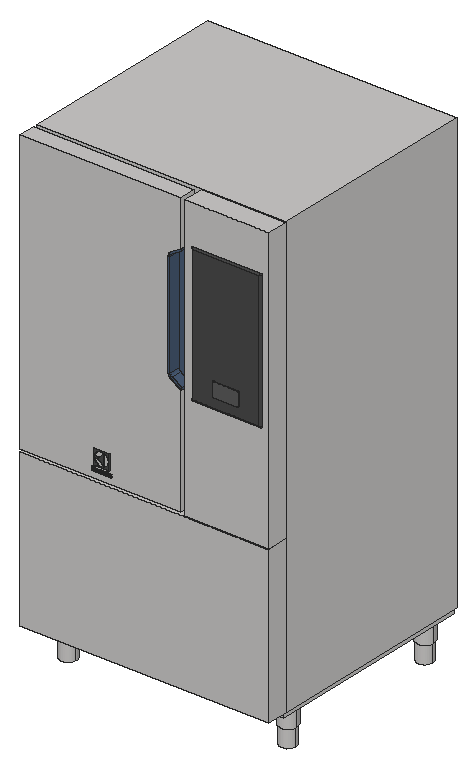
Revit family "QF_ELECTROLUXPROFESSIONAL_727738_EBFA11Q", category Specialty Equipment, Revit 2018 (continued)
Automatic sketch dimensions
  Split face 146 sketch curve to Extrusion 4 = 242.501 mm
  Split face 146 sketch curve to Split face 146 sketch curve = 4.974 mm
  Split face 147 sketch curve to Extrusion 4 = 392.465 mm
  Split face 147 sketch curve to Split face 147 sketch curve = 110.016 mm
  Split face 147 sketch curve to Extrusion 4 = 252.001 mm
  Split face 147 sketch curve to Split face 147 sketch curve = 4.974 mm
  Split face 148 sketch curve to Extrusion 4 = 392.465 mm
  Split face 148 sketch curve to Split face 148 sketch curve = 110.016 mm
  Split face 148 sketch curve to Extrusion 4 = 261.501 mm
  Split face 148 sketch curve to Split face 148 sketch curve = 4.974 mm
  Split face 149 sketch curve to Extrusion 4 = 392.465 mm
  Split face 149 sketch curve to Split face 149 sketch curve = 110.016 mm
  Split face 149 sketch curve to Extrusion 4 = 271.001 mm
  Split face 149 sketch curve to Split face 149 sketch curve = 4.974 mm
  Split face 150 sketch curve to Extrusion 4 = 392.465 mm
  Split face 150 sketch curve to Split face 150 sketch curve = 110.016 mm
  Split face 150 sketch curve to Extrusion 4 = 279.479 mm
  Split face 150 sketch curve to Split face 150 sketch curve = 4.974 mm
  Split face 151 sketch curve to Extrusion 4 = 392.465 mm
  Split face 151 sketch curve to Split face 151 sketch curve = 110.016 mm
  Split face 151 sketch curve to Extrusion 4 = 269.979 mm
  Split face 151 sketch curve to Split face 151 sketch curve = 4.974 mm
  Split face 152 sketch curve to Extrusion 4 = 392.465 mm
  Split face 152 sketch curve to Split face 152 sketch curve = 110.016 mm
  Split face 152 sketch curve to Extrusion 4 = 260.479 mm
  Split face 152 sketch curve to Split face 152 sketch curve = 4.974 mm
  Split face 153 sketch curve to Extrusion 4 = 392.465 mm
  Split face 153 sketch curve to Split face 153 sketch curve = 110.016 mm
  Split face 153 sketch curve to Extrusion 4 = 250.978 mm
  Split face 153 sketch curve to Split face 153 sketch curve = 4.974 mm
  Split face 154 sketch curve to Extrusion 4 = 392.465 mm
  Split face 154 sketch curve to Split face 154 sketch curve = 110.016 mm
  Split face 154 sketch curve to Extrusion 4 = 241.478 mm
  Split face 154 sketch curve to Split face 154 sketch curve = 4.974 mm
  Split face 155 sketch curve to Extrusion 4 = 392.465 mm
  Split face 155 sketch curve to Split face 155 sketch curve = 110.016 mm
  Split face 155 sketch curve to Extrusion 4 = 231.978 mm
  Split face 155 sketch curve to Split face 155 sketch curve = 4.974 mm
  Split face 156 sketch curve to Extrusion 4 = 392.465 mm
  Split face 156 sketch curve to Split face 156 sketch curve = 110.016 mm
  Split face 156 sketch curve to Extrusion 4 = 222.478 mm
  Split face 156 sketch curve to Split face 156 sketch curve = 4.974 mm
  Split face 157 sketch curve to Extrusion 4 = 392.465 mm
  Split face 157 sketch curve to Split face 157 sketch curve = 110.016 mm
  Split face 157 sketch curve to Extrusion 4 = 212.978 mm
  Split face 157 sketch curve to Split face 157 sketch curve = 4.974 mm
  Split face 158 sketch curve to Extrusion 4 = 392.465 mm
  Split face 158 sketch curve to Split face 158 sketch curve = 110.016 mm
  Split face 158 sketch curve to Extrusion 4 = 203.478 mm
  Split face 158 sketch curve to Split face 158 sketch curve = 4.974 mm
  Split face 159 sketch curve to Extrusion 4 = 193.978 mm
  Split face 159 sketch curve to Extrusion 4 = 392.465 mm
  Split face 159 sketch curve to Split face 159 sketch curve = 110.016 mm
  Split face 159 sketch curve to Split face 159 sketch curve = 4.974 mm
  Split face 160 sketch curve to Extrusion 4 = 184.478 mm
  Split face 160 sketch curve to Extrusion 4 = 392.465 mm
  Split face 160 sketch curve to Split face 160 sketch curve = 110.016 mm
  Split face 160 sketch curve to Split face 160 sketch curve = 4.974 mm
  Split face 161 sketch curve to Extrusion 4 = 174.978 mm
  Split face 161 sketch curve to Extrusion 4 = 392.465 mm
  Split face 161 sketch curve to Split face 161 sketch curve = 110.016 mm
  Split face 161 sketch curve to Split face 161 sketch curve = 4.974 mm
  Split face 162 sketch curve to Extrusion 4 = 165.478 mm
  Split face 162 sketch curve to Extrusion 4 = 392.465 mm
  Split face 162 sketch curve to Split face 162 sketch curve = 110.016 mm
  Split face 162 sketch curve to Split face 162 sketch curve = 4.974 mm
  Split face 163 sketch curve to Extrusion 4 = 155.978 mm
  Split face 163 sketch curve to Extrusion 4 = 392.465 mm
  Split face 163 sketch curve to Split face 163 sketch curve = 110.016 mm
  Split face 163 sketch curve to Split face 163 sketch curve = 4.974 mm
  Split face 164 sketch curve to Extrusion 4 = 146.478 mm
  Split face 164 sketch curve to Extrusion 4 = 392.465 mm
  Split face 164 sketch curve to Split face 164 sketch curve = 110.016 mm
  Split face 164 sketch curve to Split face 164 sketch curve = 4.974 mm
  Split face 165 sketch curve to Extrusion 4 = 33.499 mm
  Split face 165 sketch curve to Extrusion 4 = 382.543 mm
  Split face 165 sketch curve to Extrusion 4 = 28.525 mm
  Split face 165 sketch curve to Split face 165 sketch curve = 110.016 mm
  Split face 166 sketch curve to Extrusion 4 = 42.999 mm
  Split face 166 sketch curve to Extrusion 4 = 382.543 mm
  Split face 166 sketch curve to Extrusion 4 = 38.025 mm
  Split face 166 sketch curve to Split face 166 sketch curve = 110.016 mm
  Split face 167 sketch curve to Extrusion 4 = 52.499 mm
  Split face 167 sketch curve to Extrusion 4 = 382.543 mm
  Split face 167 sketch curve to Extrusion 4 = 47.525 mm
  Split face 167 sketch curve to Split face 167 sketch curve = 110.016 mm
  Split face 168 sketch curve to Extrusion 4 = 61.999 mm
  Split face 168 sketch curve to Extrusion 4 = 382.543 mm
  Split face 168 sketch curve to Split face 168 sketch curve = 110.016 mm
  Split face 168 sketch curve to Split face 168 sketch curve = 4.974 mm
  Split face 169 sketch curve to Extrusion 4 = 71.499 mm
  Split face 169 sketch curve to Extrusion 4 = 382.543 mm
  Split face 169 sketch curve to Split face 169 sketch curve = 110.016 mm
  Split face 169 sketch curve to Split face 169 sketch curve = 4.974 mm
  Split face 170 sketch curve to Extrusion 4 = 80.999 mm
  Split face 170 sketch curve to Extrusion 4 = 382.543 mm
  Split face 170 sketch curve to Split face 170 sketch curve = 110.016 mm
  Split face 170 sketch curve to Split face 170 sketch curve = 4.974 mm
  Split face 171 sketch curve to Extrusion 4 = 90.499 mm
  Split face 171 sketch curve to Extrusion 4 = 382.543 mm
  Split face 171 sketch curve to Split face 171 sketch curve = 110.016 mm
  Split face 171 sketch curve to Split face 171 sketch curve = 4.974 mm
  Split face 172 sketch curve to Extrusion 4 = 99.999 mm
  Split face 172 sketch curve to Extrusion 4 = 382.543 mm
  Split face 172 sketch curve to Split face 172 sketch curve = 110.016 mm
  Split face 172 sketch curve to Split face 172 sketch curve = 4.974 mm
  Split face 173 sketch curve to Extrusion 4 = 109.499 mm
  Split face 173 sketch curve to Extrusion 4 = 382.543 mm
  Split face 173 sketch curve to Split face 173 sketch curve = 110.016 mm
  Split face 173 sketch curve to Split face 173 sketch curve = 4.974 mm
  Split face 174 sketch curve to Extrusion 4 = 119 mm
  Split face 174 sketch curve to Extrusion 4 = 382.543 mm
  Split face 174 sketch curve to Split face 174 sketch curve = 110.016 mm
  Split face 174 sketch curve to Split face 174 sketch curve = 4.974 mm
  Split face 175 sketch curve to Extrusion 4 = 128.5 mm
  Split face 175 sketch curve to Extrusion 4 = 382.543 mm
  Split face 175 sketch curve to Split face 175 sketch curve = 110.016 mm
  Split face 175 sketch curve to Split face 175 sketch curve = 4.974 mm
  Split face 176 sketch curve to Extrusion 4 = 138 mm
  Split face 176 sketch curve to Extrusion 4 = 382.543 mm
  Split face 176 sketch curve to Split face 176 sketch curve = 110.016 mm
  Split face 176 sketch curve to Split face 176 sketch curve = 4.974 mm
  Split face 177 sketch curve to Extrusion 4 = 147.5 mm
  Split face 177 sketch curve to Extrusion 4 = 382.543 mm
  Split face 177 sketch curve to Split face 177 sketch curve = 110.016 mm
  Split face 177 sketch curve to Split face 177 sketch curve = 4.974 mm
  Split face 178 sketch curve to Extrusion 4 = 157 mm
  Split face 178 sketch curve to Extrusion 4 = 382.543 mm
  Split face 178 sketch curve to Split face 178 sketch curve = 110.016 mm
  Split face 178 sketch curve to Split face 178 sketch curve = 4.974 mm
  Split face 179 sketch curve to Extrusion 4 = 166.5 mm
  Split face 179 sketch curve to Extrusion 4 = 382.543 mm
  Split face 179 sketch curve to Split face 179 sketch curve = 110.016 mm
  Split face 179 sketch curve to Split face 179 sketch curve = 4.974 mm
  Split face 180 sketch curve to Extrusion 4 = 176 mm
  Split face 180 sketch curve to Extrusion 4 = 382.543 mm
  Split face 180 sketch curve to Split face 180 sketch curve = 110.016 mm
  Split face 180 sketch curve to Split face 180 sketch curve = 4.974 mm
  Split face 181 sketch curve to Extrusion 4 = 185.5 mm
  Split face 181 sketch curve to Extrusion 4 = 382.543 mm
  Split face 181 sketch curve to Split face 181 sketch curve = 110.016 mm
  Split face 181 sketch curve to Split face 181 sketch curve = 4.974 mm
  Split face 182 sketch curve to Extrusion 4 = 382.543 mm
  Split face 182 sketch curve to Split face 182 sketch curve = 110.016 mm
  Split face 182 sketch curve to Extrusion 4 = 195 mm
  Split face 182 sketch curve to Split face 182 sketch curve = 4.974 mm
  Split face 183 sketch curve to Extrusion 4 = 382.543 mm
  Split face 183 sketch curve to Split face 183 sketch curve = 110.016 mm
  Split face 183 sketch curve to Extrusion 4 = 204.5 mm
  Split face 183 sketch curve to Split face 183 sketch curve = 4.974 mm
  Split face 184 sketch curve to Extrusion 4 = 382.543 mm
  Split face 184 sketch curve to Split face 184 sketch curve = 110.016 mm
  Split face 184 sketch curve to Extrusion 4 = 214 mm
  Split face 184 sketch curve to Split face 184 sketch curve = 4.974 mm
  Split face 185 sketch curve to Extrusion 4 = 382.543 mm
  Split face 185 sketch curve to Split face 185 sketch curve = 110.016 mm
  Split face 185 sketch curve to Extrusion 4 = 223.5 mm
  Split face 185 sketch curve to Split face 185 sketch curve = 4.974 mm
  Split face 186 sketch curve to Extrusion 4 = 382.543 mm
  Split face 186 sketch curve to Split face 186 sketch curve = 110.016 mm
  Split face 186 sketch curve to Extrusion 4 = 233.001 mm
  Split face 186 sketch curve to Split face 186 sketch curve = 4.974 mm
  Split face 187 sketch curve to Extrusion 4 = 382.543 mm
  Split face 187 sketch curve to Split face 187 sketch curve = 110.016 mm
  Split face 187 sketch curve to Extrusion 4 = 242.501 mm
  Split face 187 sketch curve to Split face 187 sketch curve = 4.974 mm
  Split face 188 sketch curve to Extrusion 4 = 382.543 mm
  Split face 188 sketch curve to Split face 188 sketch curve = 110.016 mm
  Split face 188 sketch curve to Extrusion 4 = 252.001 mm
  Split face 188 sketch curve to Split face 188 sketch curve = 4.974 mm
  Split face 189 sketch curve to Extrusion 4 = 382.543 mm
  Split face 189 sketch curve to Split face 189 sketch curve = 110.016 mm
  Split face 189 sketch curve to Extrusion 4 = 261.501 mm
  Split face 189 sketch curve to Split face 189 sketch curve = 4.974 mm
  Split face 190 sketch curve to Extrusion 4 = 382.543 mm
  Split face 190 sketch curve to Split face 190 sketch curve = 110.016 mm
  Split face 190 sketch curve to Extrusion 4 = 271.001 mm
  Split face 190 sketch curve to Split face 190 sketch curve = 4.974 mm
  Split face 191 sketch curve to Extrusion 4 = 382.543 mm
  Split face 191 sketch curve to Split face 191 sketch curve = 110.016 mm
  Split face 191 sketch curve to Extrusion 4 = 279.479 mm
  Split face 191 sketch curve to Split face 191 sketch curve = 4.974 mm
  Split face 192 sketch curve to Extrusion 4 = 382.543 mm
  Split face 192 sketch curve to Split face 192 sketch curve = 110.016 mm
  Split face 192 sketch curve to Extrusion 4 = 269.979 mm
  Split face 192 sketch curve to Split face 192 sketch curve = 4.974 mm
  Split face 193 sketch curve to Extrusion 4 = 382.543 mm
  Split face 193 sketch curve to Split face 193 sketch curve = 110.016 mm
  Split face 193 sketch curve to Extrusion 4 = 260.479 mm
  Split face 193 sketch curve to Split face 193 sketch curve = 4.974 mm
  Split face 194 sketch curve to Extrusion 4 = 382.543 mm
  Split face 194 sketch curve to Split face 194 sketch curve = 110.016 mm
  Split face 194 sketch curve to Extrusion 4 = 250.978 mm
  Split face 194 sketch curve to Split face 194 sketch curve = 4.974 mm
  Split face 195 sketch curve to Extrusion 4 = 382.543 mm
  Split face 195 sketch curve to Split face 195 sketch curve = 110.016 mm
  Split face 195 sketch curve to Extrusion 4 = 241.478 mm
  Split face 195 sketch curve to Split face 195 sketch curve = 4.974 mm
  Split face 196 sketch curve to Extrusion 4 = 382.543 mm
  Split face 196 sketch curve to Split face 196 sketch curve = 110.016 mm
  Split face 196 sketch curve to Extrusion 4 = 231.978 mm
  Split face 196 sketch curve to Split face 196 sketch curve = 4.974 mm
  Split face 197 sketch curve to Extrusion 4 = 382.543 mm
  Split face 197 sketch curve to Split face 197 sketch curve = 110.016 mm
  Split face 197 sketch curve to Extrusion 4 = 222.478 mm
  Split face 197 sketch curve to Split face 197 sketch curve = 4.974 mm
  Split face 198 sketch curve to Extrusion 4 = 382.543 mm
  Split face 198 sketch curve to Split face 198 sketch curve = 110.016 mm
  Split face 198 sketch curve to Extrusion 4 = 212.978 mm
  Split face 198 sketch curve to Split face 198 sketch curve = 4.974 mm
  Split face 199 sketch curve to Extrusion 4 = 382.543 mm
  Split face 199 sketch curve to Split face 199 sketch curve = 110.016 mm
  Split face 199 sketch curve to Extrusion 4 = 203.478 mm
  Split face 199 sketch curve to Split face 199 sketch curve = 4.974 mm
  Split face 200 sketch curve to Extrusion 4 = 382.543 mm
  Split face 200 sketch curve to Split face 200 sketch curve = 110.016 mm
  Split face 200 sketch curve to Extrusion 4 = 193.978 mm
  Split face 200 sketch curve to Split face 200 sketch curve = 4.974 mm
  Split face 201 sketch curve to Extrusion 4 = 184.478 mm
  Split face 201 sketch curve to Extrusion 4 = 382.543 mm
  Split face 201 sketch curve to Split face 201 sketch curve = 110.016 mm
  Split face 201 sketch curve to Split face 201 sketch curve = 4.974 mm
  Split face 202 sketch curve to Extrusion 4 = 174.978 mm
  Split face 202 sketch curve to Extrusion 4 = 382.543 mm
  Split face 202 sketch curve to Split face 202 sketch curve = 110.016 mm
  Split face 202 sketch curve to Split face 202 sketch curve = 4.974 mm
  Split face 203 sketch curve to Extrusion 4 = 165.478 mm
  Split face 203 sketch curve to Extrusion 4 = 382.543 mm
  Split face 203 sketch curve to Split face 203 sketch curve = 110.016 mm
  Split face 203 sketch curve to Split face 203 sketch curve = 4.974 mm
  Split face 204 sketch curve to Extrusion 4 = 155.978 mm
  Split face 204 sketch curve to Extrusion 4 = 382.543 mm
  Split face 204 sketch curve to Split face 204 sketch curve = 110.016 mm
  Split face 204 sketch curve to Split face 204 sketch curve = 4.974 mm
  Split face 205 sketch curve to Extrusion 4 = 146.478 mm
  Split face 205 sketch curve to Extrusion 4 = 382.543 mm
  Split face 205 sketch curve to Split face 205 sketch curve = 110.016 mm
  Split face 205 sketch curve to Split face 205 sketch curve = 4.974 mm
  Split face 206 sketch curve to Extrusion 4 = 33.499 mm
  Split face 206 sketch curve to Extrusion 4 = 262.552 mm
  Split face 206 sketch curve to Extrusion 4 = 28.525 mm
  Split face 206 sketch curve to Split face 206 sketch curve = 110.016 mm
  Split face 207 sketch curve to Extrusion 4 = 42.999 mm
  Split face 207 sketch curve to Extrusion 4 = 262.552 mm
  Split face 207 sketch curve to Extrusion 4 = 38.025 mm
  Split face 207 sketch curve to Split face 207 sketch curve = 110.016 mm
  Split face 208 sketch curve to Extrusion 4 = 52.499 mm
  Split face 208 sketch curve to Extrusion 4 = 262.552 mm
  Split face 208 sketch curve to Extrusion 4 = 47.525 mm
  Split face 208 sketch curve to Split face 208 sketch curve = 110.016 mm
  Split face 209 sketch curve to Extrusion 4 = 61.999 mm
  Split face 209 sketch curve to Extrusion 4 = 262.552 mm
  Split face 209 sketch curve to Split face 209 sketch curve = 110.016 mm
  Split face 209 sketch curve to Split face 209 sketch curve = 4.974 mm
  Split face 210 sketch curve to Extrusion 4 = 71.499 mm
  Split face 210 sketch curve to Extrusion 4 = 262.552 mm
  Split face 210 sketch curve to Split face 210 sketch curve = 110.016 mm
  Split face 210 sketch curve to Split face 210 sketch curve = 4.974 mm
  Split face 211 sketch curve to Extrusion 4 = 80.999 mm
  Split face 211 sketch curve to Extrusion 4 = 262.552 mm
  Split face 211 sketch curve to Split face 211 sketch curve = 110.016 mm
  Split face 211 sketch curve to Split face 211 sketch curve = 4.974 mm
  Split face 212 sketch curve to Extrusion 4 = 90.499 mm
  Split face 212 sketch curve to Extrusion 4 = 262.552 mm
  Split face 212 sketch curve to Split face 212 sketch curve = 110.016 mm
  Split face 212 sketch curve to Split face 212 sketch curve = 4.974 mm
  Split face 213 sketch curve to Extrusion 4 = 99.999 mm
  Split face 213 sketch curve to Extrusion 4 = 262.552 mm
  Split face 213 sketch curve to Split face 213 sketch curve = 110.016 mm
  Split face 213 sketch curve to Split face 213 sketch curve = 4.974 mm
  Split face 214 sketch curve to Extrusion 4 = 109.499 mm
  Split face 214 sketch curve to Extrusion 4 = 262.552 mm
  Split face 214 sketch curve to Split face 214 sketch curve = 110.016 mm
  Split face 214 sketch curve to Split face 214 sketch curve = 4.974 mm
  Split face 215 sketch curve to Extrusion 4 = 119 mm
  Split face 215 sketch curve to Extrusion 4 = 262.552 mm
  Split face 215 sketch curve to Split face 215 sketch curve = 110.016 mm
  Split face 215 sketch curve to Split face 215 sketch curve = 4.974 mm
  Split face 216 sketch curve to Extrusion 4 = 128.5 mm
  Split face 216 sketch curve to Extrusion 4 = 262.552 mm
  Split face 216 sketch curve to Split face 216 sketch curve = 110.016 mm
  Split face 216 sketch curve to Split face 216 sketch curve = 4.974 mm
  Split face 217 sketch curve to Extrusion 4 = 262.552 mm
  Split face 217 sketch curve to Split face 217 sketch curve = 110.016 mm
  Split face 217 sketch curve to Extrusion 4 = 138 mm
  Split face 217 sketch curve to Split face 217 sketch curve = 4.974 mm
  Split face 218 sketch curve to Extrusion 4 = 262.552 mm
  Split face 218 sketch curve to Split face 218 sketch curve = 110.016 mm
  Split face 218 sketch curve to Extrusion 4 = 147.5 mm
  Split face 218 sketch curve to Split face 218 sketch curve = 4.974 mm
  Split face 219 sketch curve to Extrusion 4 = 262.552 mm
  Split face 219 sketch curve to Split face 219 sketch curve = 110.016 mm
  Split face 219 sketch curve to Extrusion 4 = 157 mm
  Split face 219 sketch curve to Split face 219 sketch curve = 4.974 mm
  Split face 220 sketch curve to Extrusion 4 = 262.552 mm
  Split face 220 sketch curve to Split face 220 sketch curve = 110.016 mm
  Split face 220 sketch curve to Extrusion 4 = 166.5 mm
  Split face 220 sketch curve to Split face 220 sketch curve = 4.974 mm
  Split face 221 sketch curve to Extrusion 4 = 262.552 mm
  Split face 221 sketch curve to Split face 221 sketch curve = 110.016 mm
  Split face 221 sketch curve to Extrusion 4 = 176 mm
  Split face 221 sketch curve to Split face 221 sketch curve = 4.974 mm
  Split face 222 sketch curve to Extrusion 4 = 262.552 mm
  Split face 222 sketch curve to Split face 222 sketch curve = 110.016 mm
  Split face 222 sketch curve to Extrusion 4 = 185.5 mm
  Split face 222 sketch curve to Split face 222 sketch curve = 4.974 mm
  Split face 223 sketch curve to Extrusion 4 = 262.552 mm
  Split face 223 sketch curve to Split face 223 sketch curve = 110.016 mm
  Split face 223 sketch curve to Extrusion 4 = 195 mm
  Split face 223 sketch curve to Split face 223 sketch curve = 4.974 mm
  Split face 224 sketch curve to Extrusion 4 = 262.552 mm
  Split face 224 sketch curve to Split face 224 sketch curve = 110.016 mm
  Split face 224 sketch curve to Extrusion 4 = 204.5 mm
  Split face 224 sketch curve to Split face 224 sketch curve = 4.974 mm
  Split face 225 sketch curve to Extrusion 4 = 262.552 mm
  Split face 225 sketch curve to Split face 225 sketch curve = 110.016 mm
  Split face 225 sketch curve to Extrusion 4 = 214 mm
  Split face 225 sketch curve to Split face 225 sketch curve = 4.974 mm
  Split face 226 sketch curve to Extrusion 4 = 262.552 mm
  Split face 226 sketch curve to Split face 226 sketch curve = 110.016 mm
  Split face 226 sketch curve to Extrusion 4 = 223.5 mm
  Split face 226 sketch curve to Split face 226 sketch curve = 4.974 mm
  Split face 227 sketch curve to Extrusion 4 = 262.552 mm
  Split face 227 sketch curve to Split face 227 sketch curve = 110.016 mm
  Split face 227 sketch curve to Extrusion 4 = 233.001 mm
  Split face 227 sketch curve to Split face 227 sketch curve = 4.974 mm
  Split face 228 sketch curve to Extrusion 4 = 262.552 mm
  Split face 228 sketch curve to Split face 228 sketch curve = 110.016 mm
  Split face 228 sketch curve to Extrusion 4 = 242.501 mm
  Split face 228 sketch curve to Split face 228 sketch curve = 4.974 mm
  Split face 229 sketch curve to Extrusion 4 = 262.552 mm
  Split face 229 sketch curve to Split face 229 sketch curve = 110.016 mm
  Split face 229 sketch curve to Extrusion 4 = 252.001 mm
  Split face 229 sketch curve to Split face 229 sketch curve = 4.974 mm
  Split face 230 sketch curve to Extrusion 4 = 262.552 mm
  Split face 230 sketch curve to Split face 230 sketch curve = 110.016 mm
  Split face 230 sketch curve to Extrusion 4 = 261.501 mm
  Split face 230 sketch curve to Split face 230 sketch curve = 4.974 mm
  Split face 231 sketch curve to Extrusion 4 = 262.552 mm
  Split face 231 sketch curve to Split face 231 sketch curve = 110.016 mm
  Split face 231 sketch curve to Extrusion 4 = 271.001 mm
  Split face 231 sketch curve to Split face 231 sketch curve = 4.974 mm
  Split face 232 sketch curve to Extrusion 4 = 262.552 mm
  Split face 232 sketch curve to Split face 232 sketch curve = 110.016 mm
  Split face 232 sketch curve to Extrusion 4 = 279.479 mm
  Split face 232 sketch curve to Split face 232 sketch curve = 4.974 mm
  Split face 233 sketch curve to Extrusion 4 = 262.552 mm
  Split face 233 sketch curve to Split face 233 sketch curve = 110.016 mm
  Split face 233 sketch curve to Extrusion 4 = 269.979 mm
  Split face 233 sketch curve to Split face 233 sketch curve = 4.974 mm
  Split face 234 sketch curve to Extrusion 4 = 262.552 mm
  Split face 234 sketch curve to Split face 234 sketch curve = 110.016 mm
  Split face 234 sketch curve to Extrusion 4 = 260.479 mm
  Split face 234 sketch curve to Split face 234 sketch curve = 4.974 mm
  Split face 235 sketch curve to Extrusion 4 = 262.552 mm
  Split face 235 sketch curve to Split face 235 sketch curve = 110.016 mm
  Split face 235 sketch curve to Extrusion 4 = 250.978 mm
  Split face 235 sketch curve to Split face 235 sketch curve = 4.974 mm
  Split face 236 sketch curve to Extrusion 4 = 262.552 mm
  Split face 236 sketch curve to Split face 236 sketch curve = 110.016 mm
  Split face 236 sketch curve to Extrusion 4 = 241.478 mm
  Split face 236 sketch curve to Split face 236 sketch curve = 4.974 mm
  Split face 237 sketch curve to Extrusion 4 = 262.552 mm
  Split face 237 sketch curve to Split face 237 sketch curve = 110.016 mm
  Split face 237 sketch curve to Extrusion 4 = 231.978 mm
  Split face 237 sketch curve to Split face 237 sketch curve = 4.974 mm
  Split face 238 sketch curve to Extrusion 4 = 262.552 mm
  Split face 238 sketch curve to Split face 238 sketch curve = 110.016 mm
  Split face 238 sketch curve to Extrusion 4 = 222.478 mm
  Split face 238 sketch curve to Split face 238 sketch curve = 4.974 mm
  Split face 239 sketch curve to Extrusion 4 = 262.552 mm
  Split face 239 sketch curve to Split face 239 sketch curve = 110.016 mm
  Split face 239 sketch curve to Extrusion 4 = 212.978 mm
  Split face 239 sketch curve to Split face 239 sketch curve = 4.974 mm
  Split face 240 sketch curve to Extrusion 4 = 262.552 mm
  Split face 240 sketch curve to Split face 240 sketch curve = 110.016 mm
  Split face 240 sketch curve to Extrusion 4 = 203.478 mm
  Split face 240 sketch curve to Split face 240 sketch curve = 4.974 mm
  Split face 241 sketch curve to Extrusion 4 = 262.552 mm
  Split face 241 sketch curve to Split face 241 sketch curve = 110.016 mm
  Split face 241 sketch curve to Extrusion 4 = 193.978 mm
  Split face 241 sketch curve to Split face 241 sketch curve = 4.974 mm
  Split face 242 sketch curve to Extrusion 4 = 262.552 mm
  Split face 242 sketch curve to Split face 242 sketch curve = 110.016 mm
  Split face 242 sketch curve to Extrusion 4 = 184.478 mm
  Split face 242 sketch curve to Split face 242 sketch curve = 4.974 mm
  Split face 243 sketch curve to Extrusion 4 = 262.552 mm
  Split face 243 sketch curve to Split face 243 sketch curve = 110.016 mm
  Split face 243 sketch curve to Extrusion 4 = 174.978 mm
  Split face 243 sketch curve to Split face 243 sketch curve = 4.974 mm
  Split face 244 sketch curve to Extrusion 4 = 262.552 mm
  Split face 244 sketch curve to Split face 244 sketch curve = 110.016 mm
  Split face 244 sketch curve to Extrusion 4 = 165.478 mm
  Split face 244 sketch curve to Split face 244 sketch curve = 4.974 mm
  Split face 245 sketch curve to Extrusion 4 = 262.552 mm
  Split face 245 sketch curve to Split face 245 sketch curve = 110.016 mm
  Split face 245 sketch curve to Extrusion 4 = 155.978 mm
  Split face 245 sketch curve to Split face 245 sketch curve = 4.974 mm
  Split face 246 sketch curve to Extrusion 4 = 262.552 mm
  Split face 246 sketch curve to Split face 246 sketch curve = 110.016 mm
  Split face 246 sketch curve to Extrusion 4 = 146.478 mm
  Split face 246 sketch curve to Split face 246 sketch curve = 4.974 mm
  Split face 247 sketch curve to Extrusion 4 = 33.499 mm
  Split face 247 sketch curve to Extrusion 4 = 142.561 mm
  Split face 247 sketch curve to Extrusion 4 = 32.544 mm
  Split face 247 sketch curve to Split face 247 sketch curve = 4.974 mm
  Split face 248 sketch curve to Extrusion 4 = 42.999 mm
  Split face 248 sketch curve to Extrusion 4 = 142.561 mm
  Split face 248 sketch curve to Extrusion 4 = 32.544 mm
  Split face 248 sketch curve to Split face 248 sketch curve = 4.974 mm
  Split face 249 sketch curve to Extrusion 4 = 52.499 mm
  Split face 249 sketch curve to Extrusion 4 = 142.561 mm
  Split face 249 sketch curve to Extrusion 4 = 32.544 mm
  Split face 249 sketch curve to Split face 249 sketch curve = 4.974 mm
  Split face 250 sketch curve to Extrusion 4 = 61.999 mm
  Split face 250 sketch curve to Extrusion 4 = 142.561 mm
  Split face 250 sketch curve to Extrusion 4 = 32.544 mm
  Split face 250 sketch curve to Split face 250 sketch curve = 4.974 mm
  Split face 251 sketch curve to Extrusion 4 = 142.561 mm
  Split face 251 sketch curve to Extrusion 4 = 32.544 mm
  Split face 251 sketch curve to Extrusion 4 = 71.499 mm
  Split face 251 sketch curve to Split face 251 sketch curve = 4.974 mm
  Split face 252 sketch curve to Extrusion 4 = 142.561 mm
  Split face 252 sketch curve to Extrusion 4 = 32.544 mm
  Split face 252 sketch curve to Extrusion 4 = 80.999 mm
  Split face 252 sketch curve to Split face 252 sketch curve = 4.974 mm
  Split face 253 sketch curve to Extrusion 4 = 142.561 mm
  Split face 253 sketch curve to Extrusion 4 = 32.544 mm
  Split face 253 sketch curve to Extrusion 4 = 90.499 mm
  Split face 253 sketch curve to Split face 253 sketch curve = 4.974 mm
  Split face 254 sketch curve to Extrusion 4 = 142.561 mm
  Split face 254 sketch curve to Extrusion 4 = 32.544 mm
  Split face 254 sketch curve to Extrusion 4 = 99.999 mm
  Split face 254 sketch curve to Split face 254 sketch curve = 4.974 mm
  Split face 255 sketch curve to Extrusion 4 = 142.561 mm
  Split face 255 sketch curve to Extrusion 4 = 32.544 mm
  Split face 255 sketch curve to Extrusion 4 = 109.499 mm
  Split face 255 sketch curve to Split face 255 sketch curve = 4.974 mm
  Split face 256 sketch curve to Extrusion 4 = 142.561 mm
  Split face 256 sketch curve to Extrusion 4 = 32.544 mm
  Split face 256 sketch curve to Extrusion 4 = 119 mm
  Split face 256 sketch curve to Split face 256 sketch curve = 4.974 mm
  Split face 257 sketch curve to Extrusion 4 = 142.561 mm
  Split face 257 sketch curve to Extrusion 4 = 32.544 mm
  Split face 257 sketch curve to Extrusion 4 = 128.5 mm
  Split face 257 sketch curve to Split face 257 sketch curve = 4.974 mm
  Split face 258 sketch curve to Extrusion 4 = 142.561 mm
  Split face 258 sketch curve to Extrusion 4 = 32.544 mm
  Split face 258 sketch curve to Extrusion 4 = 138 mm
  Split face 258 sketch curve to Split face 258 sketch curve = 4.974 mm
  Split face 259 sketch curve to Extrusion 4 = 142.561 mm
  Split face 259 sketch curve to Extrusion 4 = 32.544 mm
  Split face 259 sketch curve to Extrusion 4 = 147.5 mm
  Split face 259 sketch curve to Split face 259 sketch curve = 4.974 mm
  Split face 260 sketch curve to Extrusion 4 = 142.561 mm
  Split face 260 sketch curve to Extrusion 4 = 32.544 mm
  Split face 260 sketch curve to Extrusion 4 = 157 mm
  Split face 260 sketch curve to Split face 260 sketch curve = 4.974 mm
  Split face 261 sketch curve to Extrusion 4 = 142.561 mm
  Split face 261 sketch curve to Extrusion 4 = 32.544 mm
  Split face 261 sketch curve to Extrusion 4 = 166.5 mm
  Split face 261 sketch curve to Split face 261 sketch curve = 4.974 mm
  Split face 262 sketch curve to Extrusion 4 = 142.561 mm
  Split face 262 sketch curve to Extrusion 4 = 32.544 mm
  Split face 262 sketch curve to Extrusion 4 = 176 mm
  Split face 262 sketch curve to Split face 262 sketch curve = 4.974 mm
  Split face 263 sketch curve to Extrusion 4 = 142.561 mm
  Split face 263 sketch curve to Extrusion 4 = 32.544 mm
  Split face 263 sketch curve to Extrusion 4 = 185.5 mm
  Split face 263 sketch curve to Split face 263 sketch curve = 4.974 mm
  Split face 264 sketch curve to Extrusion 4 = 142.561 mm
  Split face 264 sketch curve to Extrusion 4 = 32.544 mm
  Split face 264 sketch curve to Extrusion 4 = 195 mm
  Split face 264 sketch curve to Split face 264 sketch curve = 4.974 mm
  Split face 265 sketch curve to Extrusion 4 = 142.561 mm
  Split face 265 sketch curve to Extrusion 4 = 32.544 mm
  Split face 265 sketch curve to Extrusion 4 = 204.5 mm
  Split face 265 sketch curve to Split face 265 sketch curve = 4.974 mm
  Split face 266 sketch curve to Extrusion 4 = 142.561 mm
  Split face 266 sketch curve to Extrusion 4 = 32.544 mm
  Split face 266 sketch curve to Extrusion 4 = 214 mm
  Split face 266 sketch curve to Split face 266 sketch curve = 4.974 mm
  Split face 267 sketch curve to Extrusion 4 = 142.561 mm
  Split face 267 sketch curve to Extrusion 4 = 32.544 mm
  Split face 267 sketch curve to Extrusion 4 = 223.5 mm
  Split face 267 sketch curve to Split face 267 sketch curve = 4.974 mm
  Split face 268 sketch curve to Extrusion 4 = 142.561 mm
  Split face 268 sketch curve to Extrusion 4 = 32.544 mm
  Split face 268 sketch curve to Extrusion 4 = 233.001 mm
  Split face 268 sketch curve to Split face 268 sketch curve = 4.974 mm
  Split face 269 sketch curve to Extrusion 4 = 142.561 mm
  Split face 269 sketch curve to Extrusion 4 = 32.544 mm
  Split face 269 sketch curve to Extrusion 4 = 242.501 mm
  Split face 269 sketch curve to Split face 269 sketch curve = 4.974 mm
  Split face 270 sketch curve to Extrusion 4 = 142.561 mm
  Split face 270 sketch curve to Extrusion 4 = 32.544 mm
  Split face 270 sketch curve to Extrusion 4 = 252.001 mm
  Split face 270 sketch curve to Split face 270 sketch curve = 4.974 mm
  Split face 271 sketch curve to Extrusion 4 = 142.561 mm
  Split face 271 sketch curve to Extrusion 4 = 32.544 mm
  Split face 271 sketch curve to Extrusion 4 = 261.501 mm
  Split face 271 sketch curve to Split face 271 sketch curve = 4.974 mm
  Split face 272 sketch curve to Extrusion 4 = 142.561 mm
  Split face 272 sketch curve to Extrusion 4 = 32.544 mm
  Split face 272 sketch curve to Extrusion 4 = 271.001 mm
  Split face 272 sketch curve to Split face 272 sketch curve = 4.974 mm
  Split face 273 sketch curve to Extrusion 4 = 142.561 mm
  Split face 273 sketch curve to Extrusion 4 = 32.544 mm
  Split face 273 sketch curve to Extrusion 4 = 279.479 mm
  Split face 273 sketch curve to Split face 273 sketch curve = 4.974 mm
  Split face 274 sketch curve to Extrusion 4 = 142.561 mm
  Split face 274 sketch curve to Extrusion 4 = 32.544 mm
  Split face 274 sketch curve to Extrusion 4 = 269.979 mm
  Split face 274 sketch curve to Split face 274 sketch curve = 4.974 mm
  Split face 275 sketch curve to Extrusion 4 = 142.561 mm
  Split face 275 sketch curve to Extrusion 4 = 32.544 mm
  Split face 275 sketch curve to Extrusion 4 = 260.479 mm
  Split face 275 sketch curve to Split face 275 sketch curve = 4.974 mm
  Split face 276 sketch curve to Extrusion 4 = 142.561 mm
  Split face 276 sketch curve to Extrusion 4 = 32.544 mm
  Split face 276 sketch curve to Extrusion 4 = 250.978 mm
  Split face 276 sketch curve to Split face 276 sketch curve = 4.974 mm
  Split face 277 sketch curve to Extrusion 4 = 142.561 mm
  Split face 277 sketch curve to Extrusion 4 = 32.544 mm
  Split face 277 sketch curve to Extrusion 4 = 241.478 mm
  Split face 277 sketch curve to Split face 277 sketch curve = 4.974 mm
  Split face 278 sketch curve to Extrusion 4 = 142.561 mm
  Split face 278 sketch curve to Extrusion 4 = 32.544 mm
  Split face 278 sketch curve to Extrusion 4 = 231.978 mm
  Split face 278 sketch curve to Split face 278 sketch curve = 4.974 mm
  Split face 279 sketch curve to Extrusion 4 = 142.561 mm
  Split face 279 sketch curve to Extrusion 4 = 32.544 mm
  Split face 279 sketch curve to Extrusion 4 = 222.478 mm
  Split face 279 sketch curve to Split face 279 sketch curve = 4.974 mm
  Split face 280 sketch curve to Extrusion 4 = 142.561 mm
  Split face 280 sketch curve to Extrusion 4 = 32.544 mm
  Split face 280 sketch curve to Extrusion 4 = 212.978 mm
  Split face 280 sketch curve to Split face 280 sketch curve = 4.974 mm
  Split face 281 sketch curve to Extrusion 4 = 142.561 mm
  Split face 281 sketch curve to Extrusion 4 = 32.544 mm
  Split face 281 sketch curve to Extrusion 4 = 203.478 mm
  Split face 281 sketch curve to Split face 281 sketch curve = 4.974 mm
  Split face 282 sketch curve to Extrusion 4 = 142.561 mm
  Split face 282 sketch curve to Extrusion 4 = 32.544 mm
  Split face 282 sketch curve to Extrusion 4 = 193.978 mm
  Split face 282 sketch curve to Split face 282 sketch curve = 4.974 mm
  Split face 283 sketch curve to Extrusion 4 = 142.561 mm
  Split face 283 sketch curve to Extrusion 4 = 32.544 mm
  Split face 283 sketch curve to Extrusion 4 = 184.478 mm
  Split face 283 sketch curve to Split face 283 sketch curve = 4.974 mm
  Split face 284 sketch curve to Extrusion 4 = 142.561 mm
  Split face 284 sketch curve to Extrusion 4 = 32.544 mm
  Split face 284 sketch curve to Extrusion 4 = 174.978 mm
  Split face 284 sketch curve to Split face 284 sketch curve = 4.974 mm
  Split face 285 sketch curve to Extrusion 4 = 142.561 mm
  Split face 285 sketch curve to Extrusion 4 = 32.544 mm
  Split face 285 sketch curve to Extrusion 4 = 165.478 mm
  Split face 285 sketch curve to Split face 285 sketch curve = 4.974 mm
  Split face 286 sketch curve to Extrusion 4 = 142.561 mm
  Split face 286 sketch curve to Extrusion 4 = 32.544 mm
  Split face 286 sketch curve to Extrusion 4 = 155.978 mm
  Split face 286 sketch curve to Split face 286 sketch curve = 4.974 mm
  Split face 287 sketch curve to Extrusion 4 = 142.561 mm
  Split face 287 sketch curve to Extrusion 4 = 32.544 mm
  Split face 287 sketch curve to Extrusion 4 = 146.478 mm
  Split face 287 sketch curve to Split face 287 sketch curve = 4.974 mm
  Extrusion 14 sketch curve to plane 9 "TOP" = 0 mm
  plane 7 "FRONT" to Extrusion 14 sketch curve = 0 mm
  Extrusion 14 sketch curve to Extrusion 14 sketch curve = 8.487 mm
  Extrusion 14 sketch curve to Extrusion 14 sketch curve = 8.95 mm
  Extrusion 14 sketch curve to Extrusion 14 sketch curve = 10.513 mm
  Extrusion 14 sketch curve to Extrusion 14 sketch curve = 20 mm
  Extrusion 14 sketch curve to Extrusion 14 sketch curve = 35.79 mm
  Extrusion 14 sketch curve to Extrusion 14 sketch curve = 36.253 mm
  Extrusion 14 sketch curve to Extrusion 14 sketch curve = 162.03 mm
  Extrusion 14 sketch curve to Extrusion 14 sketch curve = 24.082 mm
  Extrusion 14 sketch curve to Extrusion 14 sketch curve = 374.913 mm
  Extrusion 14 sketch curve to Extrusion 14 sketch curve = 23.723 mm
  plane 8 to Extrusion 14 sketch curve = 589.524 mm
  Extrusion 15 sketch curve to Extrusion 15 sketch curve = 8.487 mm
  Extrusion 15 sketch curve to Extrusion 15 sketch curve = 8.95 mm
  Extrusion 15 sketch curve to Extrusion 15 sketch curve = 19 mm
  Extrusion 15 sketch curve to Extrusion 15 sketch curve = 11.05 mm
  Extrusion 15 sketch curve to plane 9 "TOP" = 186.112 mm
  Extrusion 15 sketch curve to Extrusion 15 sketch curve = 374.913 mm
  Extrusion 15 sketch curve to Extrusion 15 sketch curve = 36.253 mm
  Extrusion 15 sketch curve to Extrusion 15 sketch curve = 35.79 mm
  Extrusion 15 sketch curve to Extrusion 15 sketch curve = 0 mm  (x3)
  Extrusion 15 sketch curve to Extrusion 15 sketch curve = 24.082 mm
  Extrusion 15 sketch curve to Extrusion 15 sketch curve = 23.723 mm
  Extrusion 16 sketch curve to Extrusion 16 sketch curve = 0 mm  (x7)
  Extrusion 16 sketch curve to Extrusion 16 sketch curve = 2.5 mm  (x2)
  Extrusion 16 sketch curve to Extrusion 16 sketch curve = 7.459 mm
  Extrusion 16 sketch curve to Extrusion 16 sketch curve = 6.917 mm
  Extrusion 16 sketch curve to Extrusion 16 sketch curve = 3.591 mm
  Extrusion 16 sketch curve to Extrusion 16 sketch curve = 3.597 mm
  Extrusion 16 sketch curve to Extrusion 16 sketch curve = 5.583 mm
  Extrusion 16 sketch curve to Extrusion 16 sketch curve = 6.5 mm
  Extrusion 16 sketch curve to plane 9 "TOP" = 162.03 mm
  Extrusion 16 sketch curve to Extrusion 16 sketch curve = 6.143 mm
  Extrusion 16 sketch curve to Extrusion 16 sketch curve = 17.939 mm
  Extrusion 16 sketch curve to Extrusion 16 sketch curve = 374.913 mm
  Extrusion 16 sketch curve to Extrusion 16 sketch curve = 23 mm
  Extrusion 16 sketch curve to Extrusion 16 sketch curve = 6.141 mm
  Extrusion 14 sketch curve to plane 7 "FRONT" = 491.76 mm
  Extrusion 15 sketch curve to plane 7 "FRONT" = 491.76 mm
  Extrusion 16 sketch curve to plane 7 "FRONT" = 539 mm
  Extrusion 16 sketch curve to Extrusion 16 sketch curve = 27.24 mm
  Extrusion 16 sketch curve to Extrusion 16 sketch curve = 28.24 mm
  curve 21 to plane 4 "LEFT" = 0 mm
  curve 19 to plane 4 "LEFT" = 0 mm
  curve 27 to plane 7 "FRONT" = 0 mm
  curve 18 to plane 7 "FRONT" = 0 mm
  plane 7 "FRONT" to curve 23 = 60 mm
  plane 3 "Center Y" to curve 23 = 130.7 mm
  curve 25 to plane 7 "FRONT" = 1 mm
  curve 22 to curve 25 = 2.5 mm
  curve 20 to curve 18 = 14.8 mm
  curve 26 to curve 20 = 21 mm
  curve 20 to curve 18 = 16 mm
  curve 27 to curve 22 = 44.74 mm
  Extrusion 10 sketch curve to plane 7 "FRONT" = 0 mm
  plane 4 "LEFT" to Extrusion 10 sketch curve = 22.511 mm
  plane 10 to Extrusion 10 sketch curve = 2 mm
  plane 3 "Center Y" to Extrusion 10 sketch curve = 130.7 mm
  plane 15 to Extrusion 10 sketch curve = 2.5 mm
  curve 1 to plane 5 "BACK" = 0 mm
  curve 1 to plane 6 "RIGHT" = 0 mm
  curve 13 to plane 7 "FRONT" = 0 mm
  curve 6 to plane 14 = 0 mm
  curve 14 to plane 7 "FRONT" = 0 mm
  curve 17 to plane 7 "FRONT" = 0 mm
  curve 2 to plane 4 "LEFT" = 0 mm
  curve 15 to plane 7 "FRONT" = 0 mm
  curve 11 to plane 7 "FRONT" = 5 mm
  plane 12 to curve 11 = 20 mm
  curve 9 to plane 12 = 6.5 mm
  curve 8 to curve 10 = 21 mm
  curve 6 to plane 12 = 50.859 mm
  curve 6 to curve 6 = 164.232 mm
  plane 3 "Center Y" to curve 12 = 177.5 mm
  plane 10 to curve 17 = 2 mm
  plane 4 "LEFT" to curve 14 = 22.511 mm
  plane 15 to curve 16 = 2.5 mm
  curve 16 to plane 4 "LEFT" = 6 mm
  curve 10 to curve 10 = 29 mm
  plane 7 "FRONT" to curve 14 = 18.608 mm
  curve 13 to curve 11 = 8 mm
  curve 10 to curve 7 = 15.266 mm
  curve 5 to curve 5 = 8.092 mm
  curve 11 to curve 12 = 8 mm
  curve 3 to curve 14 = 14.8 mm
  curve 2 to curve 14 = 57.392 mm
  radius of Extrusion 3 sketch curve = 10.5 mm
  radius of Extrusion 6 sketch curve = 9.5 mm
Nested families
  nested 1: "Foot_Complete" at (-707, -144.149, 0), type "Foot_Complete"
    with H 130 mm
  nested 2: "Foot_Complete" at (84, -144.149, 0), type "Foot_Complete"
    with H 130 mm
  nested 3: "Foot_Complete" at (84, 471.851, 0), type "Foot_Complete"
    with H 130 mm
  nested 4: "Foot_Complete" at (-707, 471.851, 0), type "Foot_Complete"
    with H 130 mm
  nested 5: "ELX_Touch" at (-15, -295.149, 1341.605) x (-1, 0, 0) z (0, -1, 0), type "ELX_Touch"
  nested 6: "ELX_Logo_S_New" at (-465.397, -295.149, 749.524) x (1, 0, 0) z (0, -1, 0), visible <- "Show Logo", type "ELX_Logo_S_New"
    with M QF_Finishes_Black
  nested 7: "ELX_Logo_Symbol" at (-465.397, -295.149, 789.524) x (-1, 0, 0) z (0, -1, 0), visible <- "Show Logo", type "ELX_Logo_Symbol"
    with M QF_Finishes_Black
Connectors
  electrical at (67, 576.851, 593), driven by "Volts"
    settings: on Extrusion 3, index 5, voltage 208 V, apparent load 0 VA, apparent load phase1 0 VA, apparent load phase2 0 VA, apparent load phase3 0 VA, power factor 1, load classification "Altro", number of poles 1, system type 30, power factor state 1, is connector primary yes, connector utility no, sub classification motor no, connector description "Electrical Connection"
  piping at (-359, 149.851, 98.32), diameter 19
    settings: on cut or joined group of Extrusion 1, Extrusion 2, Extrusion 3, Extrusion 5, Extrusion 6, Extrusion 7, Extrusion 13, index 6, connector inside diameter 609.6 mm, connector length 0 mm, flow factor 0, pipe flow 0.0 L/s, pressure drop 0.0 Pa, fitting loss kfactor 0, connector angle 0.00°, fixture units 0, engagement length 0 mm, angle of deflection 0.00°, flow configuration 1, flow direction 2, fitting loss method 0, system type 16, joint type 0, gender type 0, connector reference index -1, connector utility 0, adjustable connector no, is connector primary yes, connector description "Drain"
Definition of nested family "Foot_Complete"
  Parameters
    R = 32 mm
    H = 150 mm
  Reference planes
    plane 1 "Centro (Fronte/Retro)": y = 0
    plane 2: z = 0
    plane 3 "Centro (Sinistra/Destra)": x = 0
    plane 4: z = 150
  Forms (mm)
    Revolve 1, solid
      sketch origin (255.05, 0, 608.09) x (0, 0, 1) y (-1, 0, 0)
        loop
          line (-608.09, 255.05) -> (-608.09, 226.55) -> (-544.09, 226.55) -> (-544.09, 223.05) -> (-458.09, 223.05) -> (-458.09, 255.05) -> (-608.09, 255.05)
        axis (-608.09, 255.05) -> (-458.09, 255.05)
      angle from 0 to 360
  Dimensions and locks
    locked: level to Revolve 1 sketch curve at 64
    "R": Revolve 1 sketch curve to plane 3 "Centro (Sinistra/Destra)"
    "H": plane 4 to level
    aligned and locked: level to plane 2
    aligned and locked: plane 4 to Revolve 1 sketch curve
    aligned and locked: Revolve 1 sketch curve to level
    aligned and locked: plane 3 "Centro (Sinistra/Destra)" to Revolve 1 sketch curve
  Automatic sketch dimensions
    Revolve 1 sketch curve to plane 3 "Centro (Sinistra/Destra)" = 0 mm
    plane 3 "Centro (Sinistra/Destra)" to Revolve 1 sketch curve = 28.5 mm
    Revolve 1 sketch curve to Revolve 1 sketch curve = 50 mm
    Revolve 1 sketch curve to Revolve 1 sketch curve = 20 mm
Definition of nested family "ELX_Touch"
  Parameters
    Default Elevation = 1219.2 mm
  Reference planes
    plane 1 "Centro (Fronte/Retro)": y = 0
    plane 2: z = 0
    plane 3 "Centro (Sinistra/Destra)": x = 0
  Forms (mm)
    Extrusion 1, solid
      sketch origin (0, 0, 0) x (1, 0, 0) y (0, 1, 0)
        loop
          line (-1219.2, 1219.2) -> (-1219.2, -1219.2) -> (1219.2, -1219.2) -> (1219.2, 1219.2) -> (-1219.2, 1219.2)
      from 0 to -304.8
    Extrusion 2, solid
      sketch origin (0, 0, 5) x (1, 0, 0) y (0, 1, 0)
        loop
          line (-47, -160) -> (-47, -202)
          arc (-47, -202) -> (-45.536, -205.535) -> (-42, -207) r 5
          line (-42, -207) -> (42, -207)
          arc (42, -207) -> (45.536, -205.535) -> (47, -202) r 5
          line (47, -202) -> (47, -160)
          arc (47, -160) -> (45.536, -156.465) -> (42, -155) r 5
          line (42, -155) -> (-42, -155)
          arc (-42, -155) -> (-45.536, -156.465) -> (-47, -160) r 5
      from 0 to 2
    Blend 3, solid
      base sketch origin (0, 0, 0) x (1, 0, 0) y (0, 1, 0)
        loop
          line (-127, 244) -> (-127, -244)
          arc (-127, -244) -> (-125.536, -247.536) -> (-122, -249) r 5
          line (-122, -249) -> (122, -249)
          arc (122, -249) -> (125.536, -247.536) -> (127, -244) r 5
          line (127, -244) -> (127, 244)
          arc (127, 244) -> (125.536, 247.536) -> (122, 249) r 5
          line (122, 249) -> (-122, 249)
          arc (-122, 249) -> (-125.536, 247.536) -> (-127, 244) r 5
      top sketch origin (0, 0, 0) x (1, 0, 0) y (0, 1, 0)
        loop
          line (-119, -241) -> (119, -241) -> (119, 241) -> (-119, 241) -> (-119, -241)
      from 0 to 5
  Lines and regions (mm)
    Split face 1
      outline origin (0, 0, 5) x (1, 0, 0) y (0, 1, 0)
        loop
          line (-70.506, 46.167) -> (70.506, 46.167) -> (70.506, 214.829) -> (-70.506, 214.829) -> (-70.506, 46.167)
    Split face 2
      outline origin (0, 0, 5) x (1, 0, 0) y (0, 1, 0)
        loop
          line (-47.467, 50.825) -> (47.467, 50.825) -> (47.467, 210.171) -> (-47.467, 210.171) -> (-47.467, 50.825)
    Split face 3
      outline origin (0, 0, 5) x (1, 0, 0) y (0, 1, 0)
        loop
          line (-70.521, -215.33) -> (70.521, -215.33) -> (70.521, -146.67) -> (-70.521, -146.67) -> (-70.521, -215.33)
    Split face 4
      outline origin (0, 0, 5) x (1, 0, 0) y (0, 1, 0)
        loop
          line (-119, 201.163) -> (-70.506, 201.163)
        loop
          line (70.506, 201.163) -> (119, 201.163)
        loop
          line (70.521, -200.849) -> (119, -200.849)
        loop
          line (-119, -200.849) -> (-70.521, -200.849)
  Dimensions and locks
    aligned and locked: plane 2 to Extrusion 1
    aligned and locked: level to Extrusion 1
Definition of nested family "ELX_Logo_S_New"
  Parameters
    Default Elevation = 0 mm
    M [instance] = none
  Reference planes
    plane 1 "Centro (Fronte/Retro)": y = 0
    plane 2: z = 0
    plane 3 "Centro (Sinistra/Destra)": x = 0
  Forms (mm)
    Extrusion 1, solid
      sketch origin (0, 0, 0) x (1, 0, 0) y (0, 1, 0)
        loop
          line (-1219.2, 1219.2) -> (-1219.2, -1219.2) -> (1219.2, -1219.2) -> (1219.2, 1219.2) -> (-1219.2, 1219.2)
      from 0 to -304.8
    Extrusion 2, solid, material <- "M"
      sketch origin (0, 0, 0) x (1, 0, 0) y (0, 1, 0)
        loop
          spline (-32.537, -4.135) -> (-32.702, -4.128) -> (-32.877, -4.105) -> (-33.059, -4.064) -> (-33.242, -4.002) -> (-33.422, -3.916) -> (-33.593, -3.803) -> (-33.751, -3.66) -> (-33.891, -3.486) -> (-34.008, -3.276) -> (-34.098, -3.029) -> (-34.155, -2.741) -> (-34.176, -2.41)
          line (-34.176, -2.41) -> (-34.176, -0.943) -> (-29.331, -0.943) -> (-29.331, 0.928) -> (-34.176, 0.928) -> (-34.176, 3.652) -> (-29.023, 3.652) -> (-29.023, 5.518) -> (-36.159, 5.518) -> (-36.159, -2.326)
          spline (-36.159, -2.326) -> (-36.142, -2.808) -> (-36.088, -3.263) -> (-35.996, -3.688) -> (-35.867, -4.083) -> (-35.698, -4.445) -> (-35.489, -4.773) -> (-35.239, -5.066) -> (-34.946, -5.322) -> (-34.61, -5.539) -> (-34.23, -5.716) -> (-33.804, -5.851) -> (-33.332, -5.943)
          line (-33.332, -5.943) -> (-32.554, -5.999) -> (-28.885, -5.999) -> (-28.885, -4.135) -> (-32.537, -4.135)
        loop
          line (-27.476, 0.076) -> (-27.476, -6.002) -> (-25.492, -6.002) -> (-25.492, 5.521) -> (-27.476, 5.521) -> (-27.476, 0.076)
        loop
          spline (-15.702, -2.321) -> (-15.689, -1.697) -> (-15.749, -1.094) -> (-15.879, -0.516) -> (-16.078, 0.029) -> (-16.341, 0.538) -> (-16.668, 1.004) -> (-17.055, 1.422) -> (-17.5, 1.786) -> (-17.999, 2.091) -> (-18.552, 2.331) -> (-19.154, 2.5) -> (-19.804, 2.594)
          spline (-19.804, 2.594) -> (-20.422, 2.558) -> (-21.009, 2.453) -> (-21.56, 2.28) -> (-22.072, 2.042) -> (-22.54, 1.743) -> (-22.96, 1.385) -> (-23.327, 0.97) -> (-23.638, 0.502) -> (-23.887, -0.018) -> (-24.07, -0.586) -> (-24.183, -1.2) -> (-24.222, -1.857)
          spline (-24.222, -1.857) -> (-24.184, -2.498) -> (-24.074, -3.097) -> (-23.895, -3.652) -> (-23.651, -4.16) -> (-23.344, -4.618) -> (-22.979, -5.023) -> (-22.559, -5.374) -> (-22.087, -5.667) -> (-21.567, -5.899) -> (-21.003, -6.068) -> (-20.397, -6.172) -> (-19.754, -6.207)
          spline (-19.754, -6.207) -> (-19.44, -6.2) -> (-19.13, -6.176) -> (-18.823, -6.135) -> (-18.52, -6.074) -> (-18.221, -5.993) -> (-17.925, -5.89) -> (-17.634, -5.762) -> (-17.346, -5.609) -> (-17.062, -5.43) -> (-16.782, -5.221) -> (-16.506, -4.983) -> (-16.234, -4.713)
          line (-16.234, -4.713) -> (-17.429, -3.55)
          spline (-17.429, -3.55) -> (-17.587, -3.702) -> (-17.745, -3.841) -> (-17.906, -3.967) -> (-18.07, -4.08) -> (-18.239, -4.181) -> (-18.415, -4.268) -> (-18.599, -4.343) -> (-18.792, -4.404) -> (-18.996, -4.452) -> (-19.213, -4.486) -> (-19.443, -4.506) -> (-19.688, -4.513)
          spline (-19.688, -4.513) -> (-20.047, -4.496) -> (-20.383, -4.443) -> (-20.696, -4.358) -> (-20.984, -4.24) -> (-21.246, -4.092) -> (-21.479, -3.915) -> (-21.683, -3.711) -> (-21.856, -3.48) -> (-21.997, -3.224) -> (-22.104, -2.945) -> (-22.176, -2.643) -> (-22.212, -2.321)
          line (-22.212, -2.321) -> (-15.702, -2.321)
        loop
          spline (-17.695, -0.926) -> (-17.714, -0.681) -> (-17.771, -0.445) -> (-17.861, -0.221) -> (-17.984, -0.01) -> (-18.135, 0.184) -> (-18.314, 0.36) -> (-18.516, 0.516) -> (-18.741, 0.648) -> (-18.984, 0.755) -> (-19.244, 0.834) -> (-19.518, 0.883) -> (-19.804, 0.9)
          spline (-19.804, 0.9) -> (-20.11, 0.884) -> (-20.405, 0.835) -> (-20.686, 0.757) -> (-20.95, 0.652) -> (-21.195, 0.521) -> (-21.419, 0.367) -> (-21.618, 0.192) -> (-21.79, -0.003) -> (-21.934, -0.214) -> (-22.045, -0.439) -> (-22.122, -0.678) -> (-22.162, -0.926)
          line (-22.162, -0.926) -> (-17.695, -0.926)
        loop
          spline (-12.669, -1.807) -> (-12.646, -1.438) -> (-12.58, -1.088) -> (-12.472, -0.759) -> (-12.326, -0.455) -> (-12.145, -0.177) -> (-11.93, 0.072) -> (-11.685, 0.289) -> (-11.412, 0.473) -> (-11.114, 0.62) -> (-10.793, 0.728) -> (-10.453, 0.794) -> (-10.095, 0.817)
          spline (-10.095, 0.817) -> (-9.876, 0.81) -> (-9.665, 0.79) -> (-9.464, 0.756) -> (-9.271, 0.709) -> (-9.086, 0.65) -> (-8.908, 0.578) -> (-8.737, 0.495) -> (-8.572, 0.399) -> (-8.414, 0.292) -> (-8.261, 0.173) -> (-8.113, 0.044) -> (-7.969, -0.096)
          line (-7.969, -0.096) -> (-6.741, 1.183)
          spline (-6.741, 1.183) -> (-6.985, 1.427) -> (-7.237, 1.647) -> (-7.496, 1.843) -> (-7.762, 2.015) -> (-8.034, 2.164) -> (-8.312, 2.291) -> (-8.596, 2.397) -> (-8.886, 2.482) -> (-9.181, 2.546) -> (-9.481, 2.592) -> (-9.786, 2.619) -> (-10.095, 2.627)
          spline (-10.095, 2.627) -> (-10.715, 2.589) -> (-11.308, 2.476) -> (-11.871, 2.294) -> (-12.396, 2.046) -> (-12.88, 1.736) -> (-13.316, 1.369) -> (-13.7, 0.949) -> (-14.026, 0.48) -> (-14.289, -0.035) -> (-14.483, -0.59) -> (-14.604, -1.182) -> (-14.645, -1.807)
          spline (-14.645, -1.807) -> (-14.604, -2.431) -> (-14.483, -3.023) -> (-14.289, -3.578) -> (-14.026, -4.093) -> (-13.7, -4.562) -> (-13.316, -4.983) -> (-12.88, -5.35) -> (-12.396, -5.659) -> (-11.871, -5.907) -> (-11.308, -6.09) -> (-10.715, -6.202) -> (-10.095, -6.24)
          spline (-10.095, -6.24) -> (-9.786, -6.232) -> (-9.481, -6.205) -> (-9.181, -6.16) -> (-8.886, -6.095) -> (-8.596, -6.01) -> (-8.312, -5.904) -> (-8.034, -5.777) -> (-7.762, -5.628) -> (-7.496, -5.456) -> (-7.237, -5.26) -> (-6.985, -5.04) -> (-6.741, -4.796)
          line (-6.741, -4.796) -> (-7.969, -3.517)
          spline (-7.969, -3.517) -> (-8.113, -3.657) -> (-8.261, -3.786) -> (-8.414, -3.905) -> (-8.572, -4.012) -> (-8.737, -4.108) -> (-8.908, -4.192) -> (-9.086, -4.263) -> (-9.271, -4.323) -> (-9.464, -4.369) -> (-9.665, -4.403) -> (-9.876, -4.423) -> (-10.095, -4.43)
          spline (-10.095, -4.43) -> (-10.453, -4.408) -> (-10.793, -4.341) -> (-11.114, -4.233) -> (-11.412, -4.086) -> (-11.685, -3.902) -> (-11.93, -3.685) -> (-12.145, -3.436) -> (-12.326, -3.158) -> (-12.472, -2.854) -> (-12.58, -2.526) -> (-12.646, -2.176) -> (-12.669, -1.807)
        loop
          spline (-1.683, -4.138) -> (-1.858, -4.14) -> (-2.045, -4.127) -> (-2.24, -4.095) -> (-2.438, -4.04) -> (-2.633, -3.959) -> (-2.822, -3.85) -> (-2.998, -3.709) -> (-3.157, -3.533) -> (-3.294, -3.318) -> (-3.404, -3.061) -> (-3.483, -2.76) -> (-3.524, -2.411)
          line (-3.524, -2.411) -> (-3.524, 0.529) -> (-1.72, 0.529) -> (-1.72, 2.331) -> (-3.522, 2.331) -> (-3.522, 5.521) -> (-5.506, 5.521) -> (-5.506, -2.523)
          spline (-5.506, -2.523) -> (-5.463, -2.99) -> (-5.386, -3.429) -> (-5.274, -3.839) -> (-5.126, -4.218) -> (-4.941, -4.564) -> (-4.717, -4.877) -> (-4.455, -5.155) -> (-4.153, -5.396) -> (-3.81, -5.599) -> (-3.425, -5.762) -> (-2.998, -5.884) -> (-2.528, -5.964)
          line (-2.528, -5.964) -> (-1.69, -6.002) -> (-1.683, -4.138)
        loop
          spline (4.991, 2.446) -> (4.648, 2.468) -> (4.318, 2.461) -> (4.001, 2.429) -> (3.699, 2.371) -> (3.413, 2.288) -> (3.142, 2.182) -> (2.89, 2.052) -> (2.655, 1.901) -> (2.439, 1.728) -> (2.244, 1.535) -> (2.069, 1.322) -> (1.917, 1.091)
          line (1.917, 1.091) -> (1.917, 2.33) -> (-0.051, 2.33) -> (-0.051, -6.002) -> (1.917, -6.002) -> (1.917, -1.621)
          spline (1.917, -1.621) -> (1.935, -1.288) -> (1.988, -0.979) -> (2.075, -0.693) -> (2.195, -0.432) -> (2.345, -0.197) -> (2.526, 0.01) -> (2.736, 0.189) -> (2.972, 0.338) -> (3.235, 0.456) -> (3.522, 0.541) -> (3.832, 0.594) -> (4.165, 0.611)
          line (4.165, 0.611) -> (4.991, 0.529) -> (4.991, 2.446)
        loop
          spline (14.388, -1.836) -> (14.347, -1.224) -> (14.226, -0.642) -> (14.031, -0.093) -> (13.768, 0.418) -> (13.441, 0.887) -> (13.057, 1.308) -> (12.621, 1.677) -> (12.137, 1.989) -> (11.612, 2.24) -> (11.051, 2.425) -> (10.459, 2.539) -> (9.842, 2.578)
          spline (9.842, 2.578) -> (9.221, 2.539) -> (8.627, 2.425) -> (8.064, 2.24) -> (7.539, 1.989) -> (7.056, 1.677) -> (6.62, 1.308) -> (6.237, 0.887) -> (5.912, 0.418) -> (5.65, -0.093) -> (5.456, -0.642) -> (5.336, -1.224) -> (5.295, -1.836)
          spline (5.295, -1.836) -> (5.336, -2.447) -> (5.456, -3.029) -> (5.65, -3.578) -> (5.912, -4.089) -> (6.237, -4.558) -> (6.62, -4.979) -> (7.056, -5.348) -> (7.539, -5.66) -> (8.064, -5.911) -> (8.627, -6.096) -> (9.221, -6.211) -> (9.842, -6.25)
          spline (9.842, -6.25) -> (10.459, -6.211) -> (11.051, -6.096) -> (11.612, -5.911) -> (12.137, -5.66) -> (12.621, -5.348) -> (13.057, -4.979) -> (13.441, -4.558) -> (13.768, -4.089) -> (14.031, -3.578) -> (14.226, -3.029) -> (14.347, -2.447) -> (14.388, -1.836)
        loop
          spline (12.42, -1.836) -> (12.397, -1.475) -> (12.33, -1.131) -> (12.222, -0.807) -> (12.075, -0.504) -> (11.893, -0.227) -> (11.677, 0.022) -> (11.431, 0.241) -> (11.157, 0.426) -> (10.859, 0.575) -> (10.538, 0.685) -> (10.198, 0.753) -> (9.842, 0.777)
          spline (9.842, 0.777) -> (9.482, 0.753) -> (9.14, 0.685) -> (8.818, 0.575) -> (8.519, 0.426) -> (8.246, 0.241) -> (8.001, 0.022) -> (7.786, -0.227) -> (7.605, -0.504) -> (7.459, -0.807) -> (7.352, -1.131) -> (7.286, -1.475) -> (7.263, -1.836)
          spline (7.263, -1.836) -> (7.286, -2.196) -> (7.352, -2.54) -> (7.459, -2.865) -> (7.605, -3.167) -> (7.786, -3.444) -> (8.001, -3.694) -> (8.246, -3.912) -> (8.519, -4.098) -> (8.818, -4.247) -> (9.14, -4.357) -> (9.482, -4.425) -> (9.842, -4.448)
          spline (9.842, -4.448) -> (10.198, -4.425) -> (10.538, -4.357) -> (10.859, -4.247) -> (11.157, -4.098) -> (11.431, -3.912) -> (11.677, -3.694) -> (11.893, -3.444) -> (12.075, -3.167) -> (12.222, -2.865) -> (12.33, -2.54) -> (12.397, -2.196) -> (12.42, -1.836)
        loop
          line (15.608, 0.275) -> (15.608, -6.002) -> (17.593, -6.002) -> (17.593, 5.521) -> (15.608, 5.521) -> (15.608, 0.275)
        loop
          line (24.747, 2.33) -> (24.747, -2.513)
          spline (24.747, -2.513) -> (24.731, -2.828) -> (24.685, -3.112) -> (24.61, -3.366) -> (24.507, -3.59) -> (24.38, -3.785) -> (24.229, -3.952) -> (24.056, -4.091) -> (23.863, -4.203) -> (23.652, -4.29) -> (23.425, -4.35) -> (23.183, -4.386) -> (22.928, -4.398)
          spline (22.928, -4.398) -> (22.674, -4.386) -> (22.432, -4.35) -> (22.205, -4.29) -> (21.994, -4.204) -> (21.802, -4.092) -> (21.629, -3.954) -> (21.478, -3.788) -> (21.35, -3.595) -> (21.248, -3.373) -> (21.173, -3.122) -> (21.126, -2.841) -> (21.11, -2.53)
          line (21.11, -2.53) -> (21.11, 2.33) -> (19.11, 2.33) -> (19.11, -2.696)
          spline (19.11, -2.696) -> (19.145, -3.265) -> (19.248, -3.783) -> (19.413, -4.25) -> (19.636, -4.667) -> (19.912, -5.033) -> (20.236, -5.349) -> (20.603, -5.616) -> (21.008, -5.833) -> (21.446, -6.001) -> (21.913, -6.121) -> (22.403, -6.193) -> (22.912, -6.217)
          spline (22.912, -6.217) -> (23.425, -6.193) -> (23.92, -6.12) -> (24.39, -5.998) -> (24.832, -5.828) -> (25.241, -5.607) -> (25.611, -5.337) -> (25.937, -5.016) -> (26.216, -4.645) -> (26.441, -4.222) -> (26.608, -3.749) -> (26.711, -3.223) -> (26.747, -2.646)
          line (26.747, -2.646) -> (26.747, 2.33) -> (24.747, 2.33)
        loop
          line (34.253, -3.337) -> (33.002, -1.588) -> (34.551, 0.523) -> (35.878, 2.33) -> (33.713, 2.33) -> (31.91, -0.166) -> (30.092, 2.33) -> (27.943, 2.33) -> (29.175, 0.645) -> (30.82, -1.604) -> (29.096, -4.004) -> (27.662, -6.002) -> (29.794, -6.002) -> (31.91, -3.059) -> (34.027, -6.002) -> (36.159, -6.002) -> (34.253, -3.337)
      from 0 to 1.644
  Dimensions and locks
    aligned and locked: plane 2 to Extrusion 1
    aligned and locked: level to Extrusion 1
Definition of nested family "ELX_Logo_Symbol"
  Parameters
    Default Elevation = 0 mm
    M [instance] = none
  Reference planes
    plane 1 "Centro (Fronte/Retro)": y = 0
    plane 2: z = 0
    plane 3 "Centro (Sinistra/Destra)": x = 0
